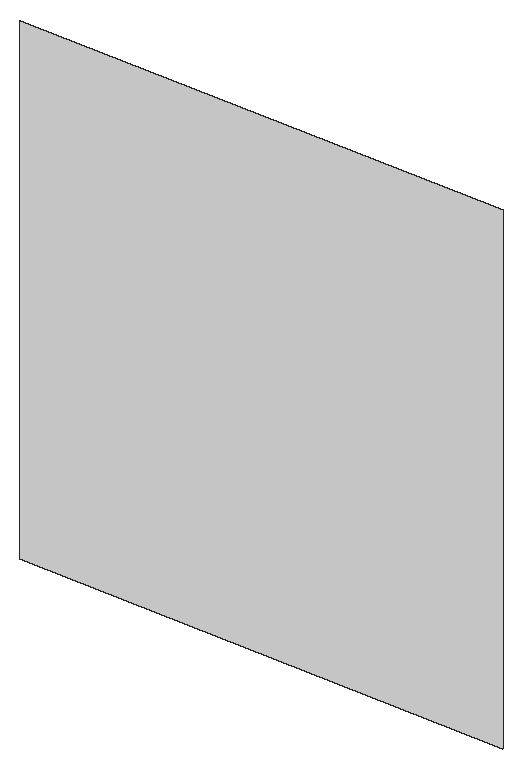
Revit family "M_Interruptor-Duplo", category Iluminação elétrica, Revit 2019
Family settings
  Hospedeiro = Parede
  Manter orientação da anotação = Não
  Cota do conector redondo = Utilizar diâmetro
  Tipo de parte = Normal
  Número OmniClass = 23.80.50.11.14
  Título OmniClass = Switches
  ID de item do Seek = Switch-Double-0000-CAN-ENU
  Sempre na vertical = Sim
  Corte com vazios quando carregada = Não
  Compartilhado = Não
  Ponto de cálculo do ambiente = Não
Parameters (values of type "Duplo")
  Largura = 115 mm
  Altura de montagem = 1200 mm
  Legenda = "2"
  Altura = 115 mm
  Material = Plástico, Branco Opaco
Reference planes
  plane 1: y = 0
  plane 2 "Centro (Esquerda/Direita)": x = 125
  plane 3 "Parte posterior": y = 75
  plane 4: z = 1200
  plane 5: x = 67.5
  plane 6: x = 182.5
  plane 7: z = 1257.5
  plane 8: z = 1142.5
  plane 9: y = 80
Forms (mm)
  Blend 1, solid, material "Plástico, Branco Opaco" <- "Material"
    base sketch origin (0, 75, 0) x (1, 0, 0) y (0, 0, 1)
      loop
        line (182.5, 1257.5) -> (67.5, 1257.5) -> (67.5, 1142.5) -> (182.5, 1142.5) -> (182.5, 1257.5)
    top sketch origin (0, 75, 0) x (1, 0, 0) y (0, 0, 1)
      loop
        line (177.5, 1252.5) -> (72.5, 1252.5) -> (72.5, 1147.5) -> (177.5, 1147.5) -> (177.5, 1252.5)
    from 0 to -5
Text (mm)
  text "Lado da colocação" at (0, 1270.507, 3001.832), in view "Esquerda"
  text "Lado da colocação" at (0, 530.812, 2999.686), in view "Direita"
Dimensions and locks
  locked: plane 3 "Parte posterior" to host wall
  "Altura": plane 8 to plane 7
  "Largura": plane 5 to plane 6
  equal spacing: plane 8, plane 4, plane 7
  equal spacing: plane 5, plane 2 "Centro (Esquerda/Direita)", plane 6
  "Altura de montagem": level to plane 4
  locked: plane 3 "Parte posterior" to plane 9 at 5
  aligned and locked: plane 1 to host wall
  aligned and locked: plane 6 to Blend 1 sketch curve
  aligned and locked: Blend 1 sketch curve to plane 7
  aligned and locked: plane 8 to Blend 1 sketch curve
  aligned and locked: plane 5 to Blend 1 sketch curve
  aligned and locked: plane 3 "Parte posterior" to nested 1
  aligned and locked: Blend 1 to plane 9
  aligned and locked: plane 3 "Parte posterior" to Blend 1
Automatic sketch dimensions
  Blend 1 sketch curve to plane 5 = 5 mm
  plane 6 to Blend 1 sketch curve = 5 mm
  Blend 1 sketch curve to plane 8 = 5 mm
  plane 7 to Blend 1 sketch curve = 5 mm
Nested families
  nested 1: "Anotação de interruptor com legenda" at (125, 75, 0), type "Anotação de interruptor com legenda"
Definition of nested family "Anotação de interruptor com legenda"
  Parameters
    Legenda = "D"
  Reference planes
    plane 1: y = 0
    plane 2: x = 0
  Lines and regions (mm)
    detail lines
      curve 1: arc (0.687, 4.366, 0) -> (-0.687, 4.366, 0) -> (0, 3.175, 0) r 0.794
      curve 2: arc (-0.846, 1.687, 0) -> (0.876, 1.693, 0) -> (0, 3.175, 0) r 0.992
      curve 3: line (0, 1.191, 0) -> (0, 0.222, 0)
  Text (mm)
    label "Legenda" at (2.034, 1.9, 0), shows "Legenda"
